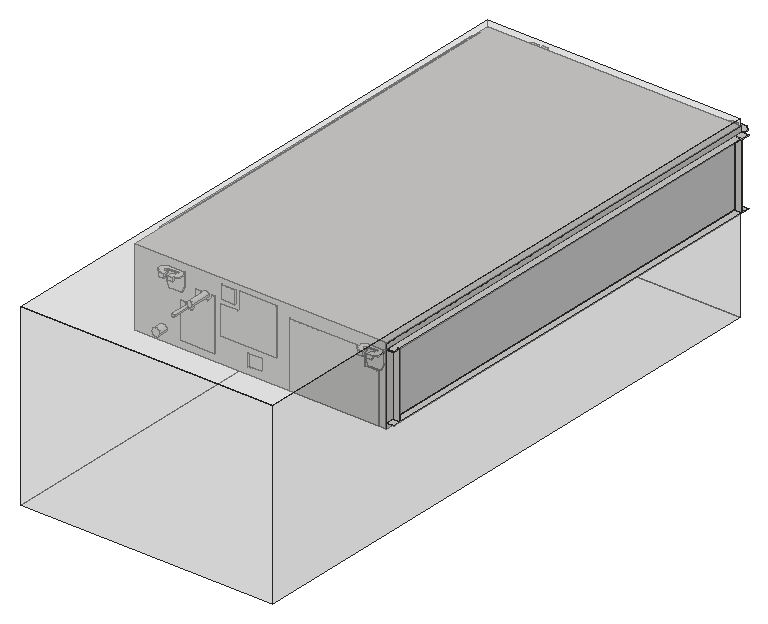
Revit family "outputfile", category 機械設備, Revit 2024
Family settings
  丸型コネクタ寸法 = 半径を使用
  パーツ タイプ = 標準
  OmniClass 番号 = 23.75.10.24.21.27.27
  OmniClass タイトル = Split System Air Conditioning Units
  作業面ベース = いいえ
  常に垂直 = はい
  ロード時にボイドで切り取り = いいえ
  注釈の向きを維持 = いいえ
  共有 = いいえ
  部屋計算ポイント = はい
Parameters (values of type "FBFC140DVM")
  Description = ""
  製造元 = "Daikin"
  書き出し IFC クラス(タイプ) = "IfcUnitaryEquipmentType"
  定義済み IFC タイプ(タイプ) = "AIRCONDITIONINGUNIT"
  Cost = 0
  モデル = "FBFC140DVM"
  Type Comments = ""
  Keynote = ""
  Type Image = (empty or 0)
  Assembly Code = ""
  switch_frequency = yes
  r_Liquid Pipe Size = Liquid Pipe Size / 2  # 4.75 mm
  r_Gas Pipe Size = Gas Pipe Size / 2  # 7.95 mm
  r_Drain Pipe Size = Drain Pipe Size / 2  # 12.5 mm
  lw_power = 770.0 mm  # constant formula
  lh_SA = 138.0 mm  # constant formula
  lw_SA = if(Depth = 550.0 mm, 225.0 mm, if(Depth = 700.0 mm, 300.0 mm, if(Depth = 1000.0 mm, 450.0 mm, if(Depth = 1400.0 mm, 650.0 mm, 725.0 mm))))  # 650.0 mm
  lw_RA = if(Depth = 550.0 mm, 275.0 mm, if(Depth = 700.0 mm, 349.0 mm, if(Depth = 1000.0 mm, 499.0 mm, if(Depth = 1400.0 mm, 699.0 mm, 775.0 mm))))  # 699.0 mm
  lh_power = 60.0 mm + [h***]  # 60.0 mm
  lh_mountinghole1 = lh_mountinghole + [h***]  # 222.0 mm
  lh_RA = 123.0 mm  # constant formula
  ld_power = Depth / 2  # 700.0 mm
  connector_voltage = Voltage_50Hz  # 230 V
  connector_powerinput = [Power Input (Cooling)]  # 0.000 kW
  connector_phase = Phase_50Hz  # 1
  Voltage_comment_50Hz = "220 - 240"
  Voltage_50Hz = 230 V
  URL = ""
  Supply Air Direction [instance] = yes
  Sound Power Level_H speed (dB) = 0
  Phase_50Hz = 1
  Minimum External Static Pressure = 50.00 Pa
  Minimum Circuit Amps_50Hz = 0.0 A
  Maximum Fuse Amps_50Hz = 0.0 A
  Maximum External Static Pressure = 150.00 Pa
  Material_Casing = DAIKIN_GalvanizedSteel_Casing_indoorunit
  lw_mountinghole = 630.0 mm  # constant formula
  lh_gaspipe = 183.0 mm + [h***]  # 183.0 mm
  lh_mountinghole = 222.0 mm  # constant formula
  lh_liquidpipe = 136.0 mm + [h***]  # 136.0 mm
  lh_drainpipe = 38.0 mm + [h***]  # 38.0 mm
  lh_antena = Height - lh_mountinghole + 1.0 mm  # 24.0 mm
  ld_drainpipe = Depth / 2 + 26.0 mm  # 726.0 mm
  ld_liquidpipe = Depth / 2 + 69.0 mm  # 769.0 mm
  ld_gaspipe = Depth / 2 + 65.0 mm  # 765.0 mm
  ld_mountinghole = Depth + 38.0 mm  # 1438.0 mm
  h*** = 0.0 mm  # constant formula
  lw_liquidpipe = 179.0 mm  # constant formula
  lw_gaspipe = 229.0 mm  # constant formula
  lw_drainpipe = 91.0 mm  # constant formula
  Width = 800.0 mm
  Version = "ver.1.0"
  Unit Type = "M.S.P. Duct"
  Unit Mass Weight = 46.00 kg
  Unit Designation [instance] = ""
  Uniclass2015Version = "Products v1.30"
  Uniclass2015Title = "Split coil room air conditioning units"
  Uniclass2015Code = "Pr_70_65_03_86"
  Total Cooling Capacity [instance] = 0.000 kW
  Sound Pressure Level_M speed (dBA) = 37.5
  Sound Pressure Level_L speed (dBA) = 35
  Sound Pressure Level_H speed (dBA) = 40
  Series = "SkyAir_Fan Coil Unit"
  Sensible Cooling Capacity [instance] = 0.000 kW
  SA Duct Size Width = 1192.0 mm
  SA Duct Size Height = 176.0 mm
  Refrigerant Type = "R32"
  RA Duct Size Width = 1352.0 mm
  RA Duct Size Height = 208.0 mm
  Power Input (Cooling) = 0.000 kW
  Option Accessory 3 [instance] = ""
  Option Accessory 2 [instance] = ""
  Option Accessory 1 [instance] = ""
  Nominal Cooling Capacity = 14.000 kW
  Minimum Airflow = 1500.00 m³/h
  Median Airflow = 1830.00 m³/h
  Maximum Airflow = 2160.00 m³/h
  Load Classification = HVAC
  Liquid Pipe Size = 9.5 mm
  Link_Nested Family [instance] = ""
  IfcVersion = ""
  IfcExportType = "AIRCONDITIONINGUNIT"
  IfcExportAs = "IfcUnitaryEquipmentType"
  Height = 245.0 mm
  Heat Exchanger Type = "Cross Fin Coil"
  Gas Pipe Size = 15.9 mm
  Frequency_50Hz = 50 Hz
  Fan Type = "Sirocco Fan"
  Fan Drive = "Direct Drive"
  FCU Tag No. [instance] = ""
  Drain Pipe Size = 25.0 mm
  Design Supply Airflow [instance] = 0.00 m³/h
  Design Return Airflow [instance] = 0.00 m³/h
  Design External Static Pressure [instance] = 0.00 Pa
  Depth = 1400.0 mm
  既定の高さ = 0.0 mm
  Cooling Entering Wet Bulb Temperature [instance] = 0.00 °C
  Cooling Entering Dry Bulb Temperature [instance] = 0.00 °C
  Cooling Ambient Wet Bulb Temperature [instance] = 0.00 °C
  Cooling Ambient Dry Bulb Temperature [instance] = 0.00 °C
  Clearance visibility [instance] = yes
  Clearance Top = 20.0 mm
  Clearance Right = 0.0 mm
  Clearance Rear = 0.0 mm
  Clearance Left = 0.0 mm
  Clearance Front = 450.0 mm
  Clearance Bottom = 300.0 mm
Reference planes
  plane 1 "Center (Front/Back)": y = 0
  plane 2 "h": z = 0
  plane 3 "Center (Left/Right)": x = 0
  plane 4 "Back": y = 700
  plane 5 "Front": y = -700
  plane 6 "Left": x = -400
  plane 7 "Right": x = 400
  plane 8 "Top": z = 0
  plane 9 "Bottom": z = -245
  plane 10: y = -215
  plane 11: y = 700
  plane 12: y = -1150
  plane 13: x = -400
  plane 14: x = 400
  plane 15: z = 20
  plane 16: z = -545
  plane 17: x = -400
  plane 18: x = -399
  plane 19: x = 399
  plane 20: y = 50
  plane 21: y = -1
  plane 22: z = -122
  plane 23: y = -701
  plane 24: z = -109
  plane 25: x = -221
  plane 26: y = -765
  plane 27: z = -62
  plane 28: x = -171
  plane 29: y = -726
  plane 30: z = -207
  plane 31: x = -309
  plane 32: x = -309
  plane 33: x = -221
  plane 34: x = -171
  plane 35: x = 370
  plane 36: x = -266
  plane 37: x = 364
  plane 38: y = -719
  plane 39: y = 719
  plane 40: z = -23
  plane 41: z = -107
  plane 42: y = -769
  plane 43: y = -726
  plane 44: x = -251
  plane 45: x = -203
  plane 46: x = -144
  plane 47: z = -59
  plane 48: z = -106
  plane 49: z = -221
  plane 50: z = -109
  plane 51: x = -221
  plane 52: z = -62
  plane 53: x = -171
  plane 54: z = -17
  plane 55: z = -59
  plane 56: x = -121
  plane 57: x = -79
  plane 58: x = -125
  plane 59: x = -64
  plane 60: x = 53
  plane 61: z = -164
  plane 62: z = -73
  plane 63: z = -16
  plane 64: x = 93.5
  plane 65: x = 374.5
  plane 66: x = 330
  plane 67: z = -88.5
  plane 68: z = -38
  plane 69: z = -242.5
  plane 70: x = -38.5
  plane 71: x = 6.5
  plane 72: z = -181
  plane 73: z = -221
  plane 74: y = -699
  plane 75: x = -424
  plane 76: x = 424
Forms (mm)
  Extrusion 1, solid, material "DAIKIN_GalvanizedSteel_Casing_indoorunit" <- "Material_Casing"
    sketch origin (0, 0, 0) x (1, 0, 0) y (0, 1, 0)
      loop
        line (-399, 700) -> (-399, -700) -> (399, -700) -> (399, 700) -> (-399, 700)
    from -245 to 0
  Extrusion 2, solid, material "DAIKIN_GalvanizedSteel_Casing_indoorunit" <- "Material_Casing"
    sketch origin (0, 0, 0) x (1, 0, 0) y (0, 0, 1)
      loop
        line (-251, -221) -> (-144, -221) -> (-144, -59) -> (-154.47, -59)
        arc (-154.47, -59) -> (-171, -78.8) -> (-187.53, -59) r 16.8
        line (-187.53, -59) -> (-203, -59) -> (-203, -106) -> (-206.916, -106)
        arc (-206.916, -106) -> (-221, -123.4) -> (-235.084, -106) r 14.4
        line (-235.084, -106) -> (-251, -106) -> (-251, -221)
    from 700 to 701
  Extrusion 3, solid, material "DAIKIN_GalvanizedSteel_Casing_indoorunit" <- "Material_Casing"
    sketch origin (0, 0, 0) x (1, 0, 0) y (0, 0, 1)
      loop
        line (-121, -17) -> (-121, -59) -> (-79, -59) -> (-79, -17) -> (-121, -17)
      loop
        line (-125, -73) -> (-125, -164) -> (53, -164) -> (53, -16) -> (-64, -16) -> (-64, -73) -> (-125, -73)
    from 700 to 701
  Extrusion 4, solid, material "DAIKIN_GalvanizedSteel_Casing_indoorunit" <- "Material_Casing"
    sketch origin (0, 0, 0) x (1, 0, 0) y (0, 0, 1)
      loop
        line (93.5, -38) -> (93.5, -242.5) -> (374.5, -242.5) -> (374.5, -88.5) -> (330, -88.5) -> (330, -38) -> (93.5, -38)
    from 700 to 701
  Extrusion 5, solid, material "DAIKIN_GalvanizedSteel_Casing_indoorunit" <- "Material_Casing"
    sketch origin (0, 0, 0) x (1, 0, 0) y (0, 0, 1)
      loop
        circle (-221, -109) r 4.75
    from 700 to 769
  Extrusion 6, solid, material "DAIKIN_GalvanizedSteel_Casing_indoorunit" <- "Material_Casing"
    sketch origin (0, 0, 0) x (1, 0, 0) y (0, 0, 1)
      loop
        circle (-171, -62) r 7.95
    from 700 to 765
  Extrusion 7, solid, material "DAIKIN_GalvanizedSteel_Casing_indoorunit" <- "Material_Casing"
    sketch origin (0, 0, 0) x (1, 0, 0) y (0, 0, 1)
      loop
        circle (-309, -207) r 12.5
    from 700 to 726
  Extrusion 8, void
    sketch origin (0, 0, 0) x (1, 0, 0) y (0, 0, 1)
      loop
        line (-38.5, -181) -> (-38.5, -221) -> (6.5, -221) -> (6.5, -181) -> (-38.5, -181)
    from 699 to 700
Cuts and joins
  Extrusion 8 cuts Extrusion 1
Dimensions and locks
  "Height": plane 8 "Top" to plane 9 "Bottom"
  equal spacing: plane 4 "Back", plane 1 "Center (Front/Back)", plane 5 "Front"
  "Depth": plane 4 "Back" to plane 5 "Front"
  equal spacing: plane 6 "Left", plane 3 "Center (Left/Right)", plane 7 "Right"
  "Width": plane 6 "Left" to plane 7 "Right"
  "Clearance Left": plane 13 to plane 6 "Left"
  "Clearance Right": plane 7 "Right" to plane 14
  "Clearance Rear": plane 11 to plane 4 "Back"
  "Clearance Front": plane 5 "Front" to plane 12
  "Clearance Top": plane 15 to plane 8 "Top"
  "Clearance Bottom": plane 9 "Bottom" to plane 16
  locked: plane 17 to plane 18 at 1
  locked: plane 19 to plane 14 at 1
  "lw_SA": plane 11 to plane 20
  "lw_RA": plane 21 to plane 5 "Front"
  "lh_RA": plane 22 to plane 9 "Bottom"
  locked: plane 5 "Front" to plane 23 at 1
  "lw_liquidpipe": plane 25 to plane 6 "Left"
  "lh_liquidpipe": plane 24 to plane 9 "Bottom"
  "lh_gaspipe": plane 27 to plane 9 "Bottom"
  "lw_gaspipe": plane 28 to plane 6 "Left"
  "ld_gaspipe": plane 26 to plane 1 "Center (Front/Back)"
  "ld_drainpipe": plane 29 to plane 1 "Center (Front/Back)"
  "lh_drainpipe": plane 30 to plane 9 "Bottom"
  "lw_drainpipe": plane 31 to plane 6 "Left"
  "lw_drainpipe": plane 6 "Left" to plane 32
  "lw_liquidpipe": plane 6 "Left" to plane 33
  "lw_gaspipe": plane 6 "Left" to plane 34
  "lw_power": plane 6 "Left" to plane 35
  locked: plane 17 to plane 36 at 134
  "lw_mountinghole": plane 36 to plane 37
  equal spacing: plane 38, plane 1 "Center (Front/Back)", plane 39
  "ld_mountinghole": plane 39 to plane 38
  "lh_mountinghole": plane 40 to plane 9 "Bottom"
  "lh_SA": plane 41 to plane 9 "Bottom"
  locked: plane 5 "Front" to plane 43 at 26
  plane 46 to plane 45 to plane 44 to plane 6 "Left" = 59.0 mm, 48.0 mm, 149.0 mm
  plane 8 "Top" to plane 47 to plane 48 to plane 49 = 59.0 mm locked, 47.0 mm locked, 115.0 mm locked
  plane 53 to plane 51 to plane 6 "Left" = 50.0 mm locked, 179.0 mm locked
  plane 52 to plane 50 to plane 9 "Bottom" = 47.0 mm locked, 136.0 mm locked
  plane 57 to plane 56 to plane 6 "Left" = 42.0 mm locked, 279.0 mm locked
  plane 8 "Top" to plane 54 to plane 55 = 17.0 mm locked, 42.0 mm locked
  plane 60 to plane 59 to plane 58 to plane 6 "Left" = 117.0 mm, 61.0 mm, 275.0 mm
  plane 8 "Top" to plane 63 to plane 62 = 16.0 mm locked, 57.0 mm locked
  locked: plane 63 to plane 61 at 148
  plane 8 "Top" to plane 68 to plane 67 to plane 69 = 38.0 mm locked, 50.5 mm locked, 154.0 mm locked
  plane 65 to plane 66 to plane 64 to plane 6 "Left" = 44.5 mm locked, 236.5 mm locked, 493.5 mm locked
  plane 8 "Top" to plane 72 to plane 73 = 181.0 mm locked, 40.0 mm locked
  plane 71 to plane 70 to plane 6 "Left" = 45.0 mm, 361.5 mm
  locked: plane 74 to plane 5 "Front" at 1
  locked: plane 75 to plane 17 at 24
  locked: plane 14 to plane 76 at 24
  "ld_liquidpipe": plane 42 to plane 1 "Center (Front/Back)"
  "r_Liquid Pipe Size": radius of Extrusion 5 sketch curve
  "r_Gas Pipe Size": radius of Extrusion 6 sketch curve
  "r_Drain Pipe Size": radius of Extrusion 7 sketch curve
  aligned and locked: level to plane 2 "h"
  aligned and locked: plane 8 "Top" to Extrusion 1
  aligned and locked: Extrusion 1 to plane 9 "Bottom"
  aligned and locked: nested 5 to plane 12
  aligned and locked: plane 13 to nested 5
  aligned and locked: plane 14 to nested 5
  aligned and locked: nested 5 to plane 13
  aligned and locked: plane 11 to nested 5
  aligned and locked: plane 15 to nested 5
  aligned and locked: plane 16 to nested 5
  aligned and locked: plane 5 "Front" to Extrusion 1 sketch curve
  aligned and locked: Extrusion 1 to plane 18
  aligned and locked: plane 19 to Extrusion 1
  aligned and locked: nested 7 to plane 18
  aligned and locked: nested 7 to plane 20
  aligned and locked: plane 19 to nested 8
  aligned and locked: plane 21 to nested 8
  aligned and locked: plane 22 to nested 8
  aligned and locked: Extrusion 2 to plane 23
  aligned and locked: plane 5 "Front" to Extrusion 2
  aligned and locked: Extrusion 3 to plane 23
  aligned and locked: plane 5 "Front" to Extrusion 3
  aligned and locked: plane 5 "Front" to Extrusion 4
  aligned and locked: Extrusion 5 sketch curve to plane 25
  aligned and locked: plane 24 to Extrusion 5 sketch curve
  aligned and locked: plane 5 "Front" to Extrusion 5
  aligned and locked: Extrusion 6 sketch curve to plane 28
  aligned and locked: plane 27 to Extrusion 6 sketch curve
  aligned and locked: plane 5 "Front" to Extrusion 6
  aligned and locked: Extrusion 7 sketch curve to plane 31
  aligned and locked: plane 30 to Extrusion 7 sketch curve
  aligned and locked: Extrusion 7 to plane 29
  aligned and locked: nested 3 to plane 29
  aligned and locked: nested 3 to plane 32
  aligned and locked: nested 2 to plane 33
  aligned and locked: nested 1 to plane 34
  aligned and locked: Extrusion 6 to plane 26
  aligned and locked: nested 1 to plane 26
  aligned and locked: nested 6 to plane 5 "Front"
  aligned and locked: nested 6 to plane 35
  aligned and locked: plane 36 to nested 10
  aligned and locked: nested 10 to plane 5 "Front"
  aligned and locked: plane 37 to nested 9
  aligned and locked: nested 9 to plane 5 "Front"
  aligned and locked: nested 11 to plane 36
  aligned and locked: plane 4 "Back" to nested 11
  aligned and locked: nested 12 to plane 37
  aligned and locked: plane 4 "Back" to nested 12
  aligned and locked: plane 40 to nested 10
  aligned and locked: plane 40 to nested 11
  aligned and locked: plane 40 to nested 9
  aligned and locked: plane 40 to nested 12
  aligned and locked: plane 36 to nested 14
  aligned and locked: nested 14 to plane 39
  aligned and locked: plane 37 to nested 13
  aligned and locked: nested 13 to plane 39
  aligned and locked: plane 37 to nested 16
  aligned and locked: plane 38 to nested 16
  aligned and locked: plane 38 to nested 15
  aligned and locked: plane 36 to nested 15
  aligned and locked: plane 17 to plane 6 "Left"
  aligned and locked: plane 41 to nested 7
  aligned and locked: Extrusion 5 to plane 42
  aligned and locked: nested 2 to plane 42
  aligned and locked: Extrusion 3 sketch curve to plane 54
  aligned and locked: Extrusion 3 sketch curve to plane 56
  aligned and locked: plane 55 to Extrusion 3 sketch curve
  aligned and locked: plane 57 to Extrusion 3 sketch curve
  aligned and locked: Extrusion 4 to plane 23
  aligned and locked: Extrusion 8 sketch curve to plane 72
  aligned and locked: plane 73 to Extrusion 8 sketch curve
  aligned and locked: plane 71 to Extrusion 8 sketch curve
  aligned and locked: plane 5 "Front" to Extrusion 8
  aligned and locked: plane 74 to Extrusion 8
  aligned and locked: nested 17 to plane 20
  aligned and locked: nested 17 to plane 75
  aligned and locked: plane 21 to nested 18
  aligned and locked: plane 76 to nested 18
  aligned and locked: plane 41 to nested 17
  aligned and locked: nested 18 to plane 22
  aligned and locked: nested 4 to plane 3 "Center (Left/Right)"
  aligned and locked: plane 1 "Center (Front/Back)" to nested 4
  aligned and locked: level to plane 8 "Top"
  aligned and locked: plane 5 "Front" to Extrusion 7
Automatic sketch dimensions
  plane 6 "Left" to Extrusion 1 sketch curve = 1.0 mm
  Extrusion 1 sketch curve to plane 7 "Right" = 1.0 mm
  Extrusion 1 sketch curve to plane 4 "Back" = 0.0 mm
  Extrusion 2 sketch curve to plane 44 = 0.0 mm
  Extrusion 2 sketch curve to plane 33 = 0.0 mm
  Extrusion 2 sketch curve to plane 45 = 0.0 mm
  Extrusion 2 sketch curve to plane 34 = 0.0 mm
  Extrusion 2 sketch curve to plane 46 = 0.0 mm
  Extrusion 2 sketch curve to plane 49 = 0.0 mm
  Extrusion 2 sketch curve to plane 50 = 0.0 mm
  Extrusion 2 sketch curve to plane 48 = 0.0 mm  (x3)
  Extrusion 2 sketch curve to plane 52 = 0.0 mm
  Extrusion 2 sketch curve to plane 47 = 0.0 mm  (x3)
  plane 33 to Extrusion 2 sketch curve = 14.084 mm
  plane 34 to Extrusion 2 sketch curve = 16.53 mm
  Extrusion 3 sketch curve to plane 58 = 0.0 mm
  Extrusion 3 sketch curve to plane 59 = 0.0 mm
  Extrusion 3 sketch curve to plane 60 = 0.0 mm
  Extrusion 3 sketch curve to plane 61 = 0.0 mm
  Extrusion 3 sketch curve to plane 62 = 0.0 mm
  Extrusion 3 sketch curve to plane 63 = 0.0 mm
  Extrusion 4 sketch curve to plane 64 = 0.0 mm
  Extrusion 4 sketch curve to plane 66 = 0.0 mm
  Extrusion 4 sketch curve to plane 65 = 0.0 mm
  Extrusion 4 sketch curve to plane 69 = 0.0 mm
  Extrusion 4 sketch curve to plane 67 = 0.0 mm
  Extrusion 4 sketch curve to plane 68 = 0.0 mm
  Extrusion 8 sketch curve to plane 70 = 0.0 mm
Nested families
  nested 1: "daikin_connector_rotate2" at (-171, 0, -62), length <- "ld_gaspipe", built-in parameter 1001364 <- "lh_gaspipe", radius <- "r_Gas Pipe Size", type "daikin_connector_rotate2"
    with radius 7.95 mm, length 765.0 mm, angle_vertical 90.00°
  nested 2: "daikin_connector_rotate2" at (-221, 0, -109), length <- "ld_liquidpipe", built-in parameter 1001364 <- "lh_liquidpipe", radius <- "r_Liquid Pipe Size", type "daikin_connector_rotate2"
    with radius 4.75 mm, length 769.0 mm, angle_vertical 90.00°
  nested 3: "daikin_connector_rotate2" at (-309, 0, -207), length <- "ld_drainpipe", built-in parameter 1001364 <- "lh_drainpipe", radius <- "r_Drain Pipe Size", type "daikin_connector_rotate2"
    with radius 12.5 mm, length 726.0 mm, angle_vertical 90.00°
  nested 4: "daikin_△_symbolicline" at (0, 0, 245) x (0, -1, 0) z (0, 0, 1), built-in parameter 1001364 <- "Height", visible <- "Supply Air Direction", type "daikin_△_symbolicline"
    with length 200.0 mm
  nested 5: "daikin_clearancespace" at (0, -225, -262.381), visible <- "Clearance visibility", show <- "Clearance visibility", Link_Nested Family <- "Link_Nested Family", type "daikin_clearancespace"
    with width 800.0 mm, show yes, height 565.0 mm, depth 1850.0 mm, Link_Nested Family ""
  nested 6: "daikin_connector_rotate2" at (370, 0, -185), built-in parameter 1001364 <- "lh_power", length <- "ld_power", type "daikin_connector_rotate2"
    with radius 10.0 mm, length 700.0 mm, angle_vertical 90.00°
  nested 7: "daikin_ductflange_FBFC-DVM2" at (-399, 50, -107) x (0, -1, 0) z (0, 0, 1), type "daikin_ductflange_FBFC-DVM2"
  nested 8: "daikin_ductflange_FBFC-DVM" at (399, -1, -122) x (0, 1, 0) z (0, 0, 1), type "daikin_ductflange_FBFC-DVM"
    with width 1352.0 mm, lw 25.0 mm, w 1400.0 mm
  nested 9: "daikin_hangerfixture_FBFC-DVM" at (364, -700, -23), type "daikin_hangerfixture_FBFC-DVM"
  nested 10: "daikin_hangerfixture_FBFC-DVM" at (-266, -700, -23), type "daikin_hangerfixture_FBFC-DVM"
  nested 11: "daikin_hangerfixture_FBFC-DVM" at (-266, 700, -23) x (-1, 0, 0) z (0, 0, 1), type "daikin_hangerfixture_FBFC-DVM"
  nested 12: "daikin_hangerfixture_FBFC-DVM" at (364, 700, -23) x (-1, 0, 0) z (0, 0, 1), type "daikin_hangerfixture_FBFC-DVM"
  nested 13: "daikin_mountinghole" at (364, 719, -245), h_mountinghole <- "lh_mountinghole1", l_antenna <- "lh_antena", Link_Nested Family <- "Link_Nested Family", type "daikin_mountinghole"
    with show yes, l_antenna 24.0 mm, h_mountinghole 222.0 mm, Link_Nested Family ""
  nested 14: "daikin_mountinghole" at (-266, 719, -245), h_mountinghole <- "lh_mountinghole1", l_antenna <- "lh_antena", Link_Nested Family <- "Link_Nested Family", type "daikin_mountinghole"
    with show yes, l_antenna 24.0 mm, h_mountinghole 222.0 mm, Link_Nested Family ""
  nested 15: "daikin_mountinghole" at (-266, -719, -245), h_mountinghole <- "lh_mountinghole1", l_antenna <- "lh_antena", Link_Nested Family <- "Link_Nested Family", type "daikin_mountinghole"
    with show yes, l_antenna 24.0 mm, h_mountinghole 222.0 mm, Link_Nested Family ""
  nested 16: "daikin_mountinghole" at (364, -719, -245), h_mountinghole <- "lh_mountinghole1", l_antenna <- "lh_antena", Link_Nested Family <- "Link_Nested Family", type "daikin_mountinghole"
    with show yes, l_antenna 24.0 mm, h_mountinghole 222.0 mm, Link_Nested Family ""
  nested 17: "daikin_connector_rotate2" at (-400, 50, -107) x (0, -1, 0) z (0, 0, 1), type "daikin_connector_rotate2"
    with radius 10.0 mm, length 24.0 mm, angle_vertical 90.00°
  nested 18: "daikin_connector_rotate2" at (400, -1, -122) x (0, 1, 0) z (0, 0, 1), type "daikin_connector_rotate2"
    with radius 10.0 mm, length 24.0 mm, angle_vertical 90.00°
Connectors
  piping at (-309, -726, -207), diameter 25, driven by "r_Drain Pipe Size"
    settings: on nested 3, index 3, connector inside diameter 609.6 mm, connector length 0.0 mm, flow factor 0, pipe flow 0.00 m³/h, pressure drop 0.0 Pa, fitting loss kfactor 0, connector angle 0.00°, fixture units 0, engagement length 0.0 mm, angle of deflection 0.00°, flow configuration 1, flow direction 2, fitting loss method 4, system type 16, joint type 0, gender type 0, connector reference index -1, connector utility 0, adjustable connector no, is connector primary yes, connector description "Condensate Drain Piping"
  piping at (-171, -765, -62), diameter 15.9, driven by "r_Gas Pipe Size"
    settings: on nested 1, index 4, connector inside diameter 609.6 mm, connector length 0.0 mm, flow factor 0, pipe flow 0.00 m³/h, pressure drop 0.0 Pa, fitting loss kfactor 0, connector angle 0.00°, fixture units 0, engagement length 0.0 mm, angle of deflection 0.00°, flow configuration 1, flow direction 2, fitting loss method 0, system type 29, joint type 0, gender type 0, connector reference index -1, connector utility 0, adjustable connector no, is connector primary no, connector description "Refrigerant Gas Piping"
  piping at (-221, -769, -109), diameter 9.5, driven by "r_Liquid Pipe Size"
    settings: on nested 2, index 5, connector inside diameter 609.6 mm, connector length 0.0 mm, flow factor 0, pipe flow 0.00 m³/h, pressure drop 0.0 Pa, fitting loss kfactor 0, connector angle 0.00°, fixture units 0, engagement length 0.0 mm, angle of deflection 0.00°, flow configuration 1, flow direction 1, fitting loss method 0, system type 29, joint type 0, gender type 0, connector reference index -1, connector utility 0, adjustable connector no, is connector primary no, connector description "Refrigerant Liquid Piping"
  electrical at (370, -700, -185), driven by "Load Classification", driven by "connector_powerinput", driven by "connector_voltage", driven by "connector_phase"
    settings: on nested 6, index 6, voltage 230 V, apparent load 0 VA, apparent load phase1 0 VA, apparent load phase2 0 VA, apparent load phase3 0 VA, power factor 1, load classification "HVAC", number of poles 1, system type 30, power factor state 1, is connector primary yes, connector utility no, sub classification motor no, connector description "Power Supply"
  hvac at (-424, 50, -107), driven by "SA Duct Size Height", driven by "SA Duct Size Width"
    settings: on nested 17, index 7, duct flow 0.00 m³/h, flow factor 0, pres drop 0.00 Pa, loss coef 0, conn angle 0.00°, conn width 1192.0 mm, conn height 176.0 mm, conn diameter 609.6 mm, duct sys type 1, conn prof type 1, flow config 0, flow direction 2, loss method 4, conn ref index -1, conn util no, is conn primary yes, conn desc "SA Duct"
  hvac at (424, -1, -122), driven by "RA Duct Size Height", driven by "RA Duct Size Width"
    settings: on nested 18, index 8, duct flow 0.00 m³/h, flow factor 0, pres drop 0.00 Pa, loss coef 0, conn angle 0.00°, conn width 1352.0 mm, conn height 208.0 mm, conn diameter 609.6 mm, duct sys type 2, conn prof type 1, flow config 0, flow direction 1, loss method 4, conn ref index -1, conn util no, is conn primary no, conn desc "RA Duct"
Definition of nested family "daikin_clearancespace"
  Parameters (values of type "daikin_clearancespace")
    Description = "daikin_clearancespace"
    width [instance] = 1823.963 mm
    show [instance] = yes
    material = none
    height [instance] = 1359.762 mm
    depth [instance] = 880.0 mm
    Default Elevation = 0.0 mm
    Link_Nested Family [instance] = ""
  Reference planes
    plane 1 "Center (Front/Back)": y = 0
    plane 2 "Center (Elevation)": z = -0.119
    plane 3 "Center (Left/Right)": x = 0
    plane 4: y = 440
    plane 5: y = -440
    plane 6 "Right": x = 911.982
    plane 7 "Left": x = -911.982
    plane 8 "Top": z = 679.762
    plane 9 "Bottom": z = -680
  Forms (mm)
    Extrusion 1, solid, material <- "material", visible <- "show"
      sketch origin (0, 0, 0) x (1, 0, 0) y (0, 1, 0)
        loop
          line (-911.982, 440) -> (-911.982, -440) -> (911.982, -440) -> (911.982, 440) -> (-911.982, 440)
      from -680 to 679.762
  Lines and regions (mm)
    symbolic lines, visible <- "show"
      curve 1: line (911.982, 440, 0) -> (-911.982, 440, 0)
      curve 2: line (-911.982, 440, 0) -> (-911.982, -440, 0)
      curve 3: line (-911.982, -440, 0) -> (911.982, -440, 0)
      curve 4: line (911.982, -440, 0) -> (911.982, 440, 0)
      curve 5: line (911.982, 0, 679.762) -> (-911.982, 0, 679.762)
      curve 6: line (911.982, 0, -680) -> (911.982, 0, 679.762)
      curve 7: line (-911.982, 0, -680) -> (911.982, 0, -680)
      curve 8: line (-911.982, 0, 679.762) -> (-911.982, 0, -680)
      curve 9: line (0, 440, 679.762) -> (0, -440, 679.762)
      curve 10: line (0, -440, 679.762) -> (0, -440, -680)
      curve 11: line (0, 440, -680) -> (0, 440, 679.762)
      curve 12: line (0, -440, -680) -> (0, 440, -680)
  Dimensions and locks
    "width": plane 7 "Left" to plane 6 "Right"
    "depth": plane 4 to plane 5
    "height": plane 8 "Top" to plane 9 "Bottom"
    equal spacing: plane 7 "Left", plane 3 "Center (Left/Right)", plane 6 "Right"
    equal spacing: plane 4, plane 1 "Center (Front/Back)", plane 5
    equal spacing: plane 8 "Top", plane 2 "Center (Elevation)", plane 9 "Bottom"
    aligned and locked: level to plane 2 "Center (Elevation)"
    aligned and locked: Extrusion 1 sketch curve to plane 4
    aligned and locked: plane 7 "Left" to Extrusion 1 sketch curve
    aligned and locked: Extrusion 1 sketch curve to plane 5
    aligned and locked: Extrusion 1 sketch curve to plane 6 "Right"
    aligned and locked: plane 8 "Top" to Extrusion 1
    aligned and locked: curve 1 to Extrusion 1
    aligned and locked: curve 2 to Extrusion 1
    aligned and locked: curve 3 to Extrusion 1
    aligned and locked: curve 4 to Extrusion 1
    aligned and locked: curve 5 to Extrusion 1
    aligned and locked: curve 6 to Extrusion 1
    aligned and locked: curve 7 to Extrusion 1
    aligned and locked: curve 8 to Extrusion 1
    aligned and locked: curve 9 to Extrusion 1
    aligned and locked: curve 10 to Extrusion 1
    aligned and locked: curve 11 to Extrusion 1
    aligned and locked: curve 12 to Extrusion 1
    aligned and locked: Extrusion 1 to plane 9 "Bottom"
Definition of nested family "daikin_ductflange_FBFC-DVM2"
  Parameters (values of type "daikin_ductflange_FBFC-DVMG2")
    width = if(w = 550.0 mm, 337.0 mm, if(w = 700.0 mm, 492.0 mm, if(w = 1000.0 mm, 792.0 mm, if(w = 1400.0 mm, 1192.0 mm, 1337.0 mm))))  # 1192.0 mm
    material = none
    height = 215.0 mm
    depth = 1.0 mm
    w = 1400.0 mm
    Default Elevation = 0.0 mm
  Reference planes
    plane 1 "Center (Front/Back)": y = 0
    plane 2: z = 0
    plane 3 "Center (Left/Right)": x = 0
    plane 4: z = 88
    plane 5: z = -88
    plane 6: y = -25
    plane 7: z = 106
    plane 8: z = 89
    plane 9: y = -1
    plane 10: x = -617.5
    plane 11: x = 617.5
    plane 12: z = -106
    plane 13: z = -89
    plane 14: y = -1
    plane 15: x = 596
    plane 16: x = -596
    plane 17: x = 597
    plane 18: z = 87
    plane 19: z = -87
    plane 20: x = -597
    plane 21: z = 87
    plane 22: z = -87
    plane 23: y = -1
  Forms (mm)
    Extrusion 1, solid, material <- "material"
      sketch origin (0, 0, 0) x (0, 1, 0) y (0, 0, 1)
        loop
          line (-25, 88) -> (0, 88) -> (0, 106) -> (-1, 106) -> (-1, 89) -> (-25, 89) -> (-25, 88)
      from -617.5 to 617.5
    Extrusion 2, solid, material <- "material"
      sketch origin (0, 0, 0) x (0, 1, 0) y (0, 0, 1)
        loop
          line (-25, -88) -> (-25, -89) -> (-1, -89) -> (-1, -106) -> (0, -106) -> (0, -88) -> (-25, -88)
      from -617.5 to 617.5
    Extrusion 3, solid, material <- "material"
      sketch origin (0, 0, 0) x (1, 0, 0) y (0, 0, 1)
        loop
          line (596, 88) -> (596, -88) -> (617.5, -88) -> (617.5, -87) -> (597, -87) -> (597, 87) -> (617.5, 87) -> (617.5, 88) -> (596, 88)
      from 0 to 25
    Extrusion 4, solid, material <- "material"
      sketch origin (0, 0, 0) x (1, 0, 0) y (0, 0, 1)
        loop
          line (-617.5, 88) -> (-617.5, 87) -> (-597, 87) -> (-597, -87) -> (-617.5, -87) -> (-617.5, -88) -> (-596, -88) -> (-596, 88) -> (-617.5, 88)
      from 0 to 25
    Extrusion 5, solid, material <- "material"
      sketch origin (0, 0, 0) x (1, 0, 0) y (0, 0, 1)
        loop
          line (-617.5, 88) -> (-617.5, -88) -> (-596, -88) -> (-596, 88) -> (-617.5, 88)
        loop
          line (617.5, 88) -> (596, 88) -> (596, -88) -> (617.5, -88) -> (617.5, 88)
      from 0 to 1
  Cuts and joins
    joined: Extrusion 1, Extrusion 2, Extrusion 3, Extrusion 4, Extrusion 5
  Dimensions and locks
    plane 4 to level to plane 5 = 88.0 mm, 88.0 mm
    locked: plane 6 to plane 1 "Center (Front/Back)" at 25
    locked: plane 9 to plane 1 "Center (Front/Back)" at 1
    locked: plane 8 to plane 4 at 1
    locked: plane 16 to plane 10 at 21.5
    locked: plane 17 to plane 15 at 1
    locked: plane 4 to plane 18 at 1
    locked: plane 19 to plane 5 at 1
    "width": plane 15 to plane 16
    plane 4 to plane 5 = 176.0 mm
    locked: plane 16 to plane 20 at 1
    locked: plane 4 to plane 21 at 1
    locked: plane 22 to plane 5 at 1
    locked: plane 23 to plane 1 "Center (Front/Back)" at 1
    plane 4 to level to plane 5 = 88.0 mm locked, 88.0 mm locked
    locked: plane 5 to plane 13 at 1
    locked: plane 5 to plane 12 at 18
    locked: plane 7 to plane 4 at 18
    equal spacing: plane 15, plane 3 "Center (Left/Right)", plane 16
    locked: plane 11 to plane 15 at 21.5
    plane 11 to plane 10 = 1235.0 mm
    aligned and locked: level to plane 2
    aligned and locked: Extrusion 1 to plane 10
    aligned and locked: plane 11 to Extrusion 1
    aligned and locked: plane 5 to Extrusion 2
    aligned and locked: Extrusion 2 to plane 1 "Center (Front/Back)"
    aligned and locked: plane 15 to Extrusion 3 sketch curve
    aligned and locked: Extrusion 3 sketch curve to Extrusion 2  (x2)
    aligned and locked: Extrusion 3 sketch curve to plane 11
    aligned and locked: plane 6 to Extrusion 3
    aligned and locked: Extrusion 2 to plane 10
    aligned and locked: plane 11 to Extrusion 2
    aligned and locked: Extrusion 4 sketch curve to Extrusion 1  (x2)
    aligned and locked: plane 5 to Extrusion 4 sketch curve
    aligned and locked: Extrusion 4 sketch curve to plane 16
    aligned and locked: Extrusion 4 sketch curve to plane 22
    aligned and locked: plane 20 to Extrusion 4 sketch curve
    aligned and locked: plane 21 to Extrusion 4 sketch curve
    aligned and locked: Extrusion 4 to plane 1 "Center (Front/Back)"
    aligned and locked: plane 6 to Extrusion 4
    aligned and locked: Extrusion 5 sketch curve to Extrusion 1  (x4)
    aligned and locked: Extrusion 5 sketch curve to Extrusion 4  (x2)
    aligned and locked: Extrusion 5 sketch curve to Extrusion 3  (x2)
    aligned and locked: Extrusion 5 to plane 1 "Center (Front/Back)"
    aligned and locked: plane 23 to Extrusion 5
  Automatic sketch dimensions
    Extrusion 1 sketch curve to plane 6 = 0.0 mm
    Extrusion 1 sketch curve to plane 7 = 0.0 mm
    Extrusion 1 sketch curve to plane 9 = 0.0 mm
    Extrusion 1 sketch curve to plane 1 "Center (Front/Back)" = 0.0 mm
    Extrusion 1 sketch curve to plane 4 = 0.0 mm
    Extrusion 1 sketch curve to plane 8 = 0.0 mm
    Extrusion 2 sketch curve to plane 6 = 0.0 mm
    plane 12 to Extrusion 2 sketch curve = 0.0 mm
    Extrusion 2 sketch curve to plane 14 = 0.0 mm
    Extrusion 2 sketch curve to plane 1 "Center (Front/Back)" = 0.0 mm
    plane 13 to Extrusion 2 sketch curve = 0.0 mm
    Extrusion 2 sketch curve to plane 5 = 0.0 mm
    Extrusion 3 sketch curve to plane 17 = 0.0 mm
    Extrusion 3 sketch curve to plane 19 = 0.0 mm
    Extrusion 3 sketch curve to plane 18 = 0.0 mm
    Extrusion 3 sketch curve to plane 4 = 0.0 mm
    Extrusion 4 sketch curve to plane 10 = 0.0 mm
Definition of nested family "daikin_ductflange_FBFC-DVM"
  Parameters (values of type "daikin_ductflange_FBFC-DVMG")
    width = if(w = 550.0 mm, 502.0 mm, if(w = 700.0 mm, 654.0 mm, if(w = 1000.0 mm, 952.0 mm, if(w = 1400.0 mm, 1352.0 mm, 1502.0 mm))))  # 654.0 mm
    material = none
    lw = if(width = 654.0 mm, 23.0 mm, 25.0 mm)  # 23.0 mm
    height = 208.0 mm
    depth = 1.0 mm
    w = 700.0 mm
    Default Elevation = 0.0 mm
  Reference planes
    plane 1 "Center (Front/Back)": y = 0
    plane 2: z = 0
    plane 3 "Center (Left/Right)": x = 0
    plane 4: z = 104
    plane 5: z = -104
    plane 6: y = -25
    plane 7: z = 121
    plane 8: z = 105
    plane 9: y = -1
    plane 10: x = -350
    plane 11: x = 350
    plane 12: z = -122
    plane 13: z = -105
    plane 14: y = -1
    plane 15: x = 327
    plane 16: x = -327
    plane 17: x = 328
    plane 18: z = 103
    plane 19: z = -103
    plane 20: x = -328
    plane 21: z = 103
    plane 22: z = -103
    plane 23: y = -1
  Forms (mm)
    Extrusion 1, solid, material <- "material"
      sketch origin (0, 0, 0) x (0, 1, 0) y (0, 0, 1)
        loop
          line (-25, 104) -> (0, 104) -> (0, 121) -> (-1, 121) -> (-1, 105) -> (-25, 105) -> (-25, 104)
      from -350 to 350
    Extrusion 2, solid, material <- "material"
      sketch origin (0, 0, 0) x (0, 1, 0) y (0, 0, 1)
        loop
          line (-25, -104) -> (-25, -105) -> (-1, -105) -> (-1, -122) -> (0, -122) -> (0, -104) -> (-25, -104)
      from -350 to 350
    Extrusion 3, solid, material <- "material"
      sketch origin (0, 0, 0) x (1, 0, 0) y (0, 0, 1)
        loop
          line (327, 104) -> (327, -104) -> (350, -104) -> (350, -103) -> (328, -103) -> (328, 103) -> (350, 103) -> (350, 104) -> (327, 104)
      from 0 to 25
    Extrusion 4, solid, material <- "material"
      sketch origin (0, 0, 0) x (1, 0, 0) y (0, 0, 1)
        loop
          line (-350, 104) -> (-350, 103) -> (-328, 103) -> (-328, -103) -> (-350, -103) -> (-350, -104) -> (-327, -104) -> (-327, 104) -> (-350, 104)
      from 0 to 25
    Extrusion 5, solid, material <- "material"
      sketch origin (0, 0, 0) x (1, 0, 0) y (0, 0, 1)
        loop
          line (-350, 104) -> (-350, -104) -> (-327, -104) -> (-327, 104) -> (-350, 104)
        loop
          line (350, 104) -> (327, 104) -> (327, -104) -> (350, -104) -> (350, 104)
      from 0 to 1
  Cuts and joins
    joined: Extrusion 1, Extrusion 2, Extrusion 3, Extrusion 4, Extrusion 5
  Dimensions and locks
    plane 4 to level to plane 5 = 104.0 mm, 104.0 mm
    locked: plane 6 to plane 1 "Center (Front/Back)" at 25
    locked: plane 9 to plane 1 "Center (Front/Back)" at 1
    locked: plane 8 to plane 4 at 1
    "lw": plane 11 to plane 15
    "lw": plane 16 to plane 10
    locked: plane 17 to plane 15 at 1
    locked: plane 4 to plane 18 at 1
    locked: plane 19 to plane 5 at 1
    "width": plane 15 to plane 16
    equal spacing: plane 15, plane 3 "Center (Left/Right)", plane 16
    locked: plane 16 to plane 20 at 1
    locked: plane 4 to plane 21 at 1
    locked: plane 22 to plane 5 at 1
    locked: plane 23 to plane 1 "Center (Front/Back)" at 1
    locked: plane 7 to plane 4 at 17
    locked: plane 1 "Center (Front/Back)" to plane 14 at 1
    locked: plane 5 to plane 13 at 1
    "height": plane 4 to plane 5
    plane 11 to plane 10 = 700.0 mm
    locked: plane 12 to plane 13 at 17
    equal spacing: plane 4, level, plane 5
    aligned and locked: level to plane 2
    aligned and locked: Extrusion 1 to plane 10
    aligned and locked: plane 11 to Extrusion 1
    aligned and locked: plane 5 to Extrusion 2
    aligned and locked: Extrusion 2 to plane 1 "Center (Front/Back)"
    aligned and locked: plane 15 to Extrusion 3 sketch curve
    aligned and locked: Extrusion 3 sketch curve to Extrusion 2  (x2)
    aligned and locked: Extrusion 3 sketch curve to plane 11
    aligned and locked: plane 6 to Extrusion 3
    aligned and locked: Extrusion 2 to plane 10
    aligned and locked: plane 11 to Extrusion 2
    aligned and locked: Extrusion 4 sketch curve to Extrusion 1  (x2)
    aligned and locked: plane 5 to Extrusion 4 sketch curve
    aligned and locked: Extrusion 4 sketch curve to plane 16
    aligned and locked: Extrusion 4 sketch curve to plane 22
    aligned and locked: plane 20 to Extrusion 4 sketch curve
    aligned and locked: plane 21 to Extrusion 4 sketch curve
    aligned and locked: Extrusion 4 to plane 1 "Center (Front/Back)"
    aligned and locked: plane 6 to Extrusion 4
    aligned and locked: Extrusion 5 sketch curve to Extrusion 1  (x4)
    aligned and locked: Extrusion 5 sketch curve to Extrusion 4  (x2)
    aligned and locked: Extrusion 5 sketch curve to Extrusion 3  (x2)
    aligned and locked: Extrusion 5 to plane 1 "Center (Front/Back)"
    aligned and locked: plane 23 to Extrusion 5
  Automatic sketch dimensions
    Extrusion 1 sketch curve to plane 6 = 0.0 mm
    Extrusion 1 sketch curve to plane 7 = 0.0 mm
    Extrusion 1 sketch curve to plane 9 = 0.0 mm
    Extrusion 1 sketch curve to plane 1 "Center (Front/Back)" = 0.0 mm
    Extrusion 1 sketch curve to plane 4 = 0.0 mm
    Extrusion 1 sketch curve to plane 8 = 0.0 mm
    Extrusion 2 sketch curve to plane 6 = 0.0 mm
    plane 12 to Extrusion 2 sketch curve = 0.0 mm
    Extrusion 2 sketch curve to plane 14 = 0.0 mm
    Extrusion 2 sketch curve to plane 1 "Center (Front/Back)" = 0.0 mm
    plane 13 to Extrusion 2 sketch curve = 0.0 mm
    Extrusion 2 sketch curve to plane 5 = 0.0 mm
    Extrusion 3 sketch curve to plane 17 = 0.0 mm
    Extrusion 3 sketch curve to plane 19 = 0.0 mm
    Extrusion 3 sketch curve to plane 18 = 0.0 mm
    Extrusion 3 sketch curve to plane 4 = 0.0 mm
    Extrusion 4 sketch curve to plane 10 = 0.0 mm
Definition of nested family "daikin_hangerfixture_FBFC-DVM"
  Parameters (values of type "daikin_hangerfixture_FXMQ-PAVE")
    width = 72.0 mm
    material = none
    height = 60.0 mm
    depth = 41.0 mm
    Default Elevation = 0.0 mm
  Reference planes
    plane 1 "Center (Front/Back)": y = 0
    plane 2: z = 0
    plane 3 "Center (Left/Right)": x = 0
    plane 4: y = 417.146
    plane 5: y = -41
    plane 6: x = -36
    plane 7: x = 36
    plane 8: z = -2.3
    plane 9: z = -60
    plane 10: y = -2.3
    plane 11: z = -12
    plane 12: y = -38.7
  Forms (mm)
    Extrusion 1, solid, material <- "material"
      sketch origin (0, 0, 0) x (1, 0, 0) y (0, 1, 0)
        loop
          line (-28, 0) -> (-28, -5)
          arc (-28, -5) -> (-29.127, -8.162) -> (-32, -9.899) r 5
          arc (-32, -9.899) -> (-34.873, -11.636) -> (-36, -14.798) r 5
          line (-36, -14.798) -> (-36, -27.178)
          arc (-36, -27.178) -> (-35.429, -29.499) -> (-33.846, -31.289) r 5
          line (-33.846, -31.289) -> (-23, -38.798) -> (-23, -41.098) -> (-6.5, -41.098) -> (-6.5, -28.498)
          arc (-6.5, -28.498) -> (-7.379, -26.377) -> (-9.5, -25.498) r 3
          line (-9.5, -25.498) -> (-13.5, -25.498)
          arc (-13.5, -25.498) -> (-20, -18.998) -> (-13.5, -12.498) r 6.5
          line (-13.5, -12.498) -> (13.5, -12.498)
          arc (13.5, -12.498) -> (20, -18.998) -> (13.5, -25.498) r 6.5
          line (13.5, -25.498) -> (9.5, -25.498)
          arc (9.5, -25.498) -> (7.379, -26.377) -> (6.5, -28.498) r 3
          line (6.5, -28.498) -> (6.5, -41.098) -> (23, -41.098) -> (23, -38.798) -> (33.846, -31.289)
          arc (33.846, -31.289) -> (35.429, -29.499) -> (36, -27.178) r 5
          line (36, -27.178) -> (36, -14.596)
          arc (36, -14.596) -> (34.873, -11.434) -> (32, -9.697) r 5
          arc (32, -9.697) -> (29.127, -7.96) -> (28, -4.798) r 5
          line (28, -4.798) -> (28, 0) -> (-28, 0)
      from 0 to -2.3
    Extrusion 2, solid, material <- "material"
      sketch origin (0, 0, 0) x (1, 0, 0) y (0, 0, 1)
        loop
          line (28, -39.037) -> (28, 0) -> (-28, 0) -> (-28, -39.037)
          arc (-28, -39.037) -> (-27.91, -39.983) -> (-27.642, -40.894) r 5
          line (-27.642, -40.894) -> (-21.257, -56.857)
          arc (-21.257, -56.857) -> (-19.418, -59.14) -> (-16.615, -60) r 5
          line (-16.615, -60) -> (16.615, -60)
          arc (16.615, -60) -> (19.418, -59.14) -> (21.257, -56.857) r 5
          line (21.257, -56.857) -> (27.642, -40.894)
          arc (27.642, -40.894) -> (27.91, -39.983) -> (28, -39.037) r 5
      from 0 to 2.3
    Extrusion 3, solid, material <- "material"
      sketch origin (0, 0, 0) x (1, 0, 0) y (0, 0, 1)
        loop
          line (-23, 0) -> (-23, -9)
          arc (-23, -9) -> (-22.121, -11.121) -> (-20, -12) r 3
          line (-20, -12) -> (-9.5, -12)
          arc (-9.5, -12) -> (-7.379, -11.121) -> (-6.5, -9) r 3
          line (-6.5, -9) -> (-6.5, 0) -> (-23, 0)
        loop
          line (23, 0) -> (6.5, 0) -> (6.5, -9)
          arc (6.5, -9) -> (7.379, -11.121) -> (9.5, -12) r 3
          line (9.5, -12) -> (20, -12)
          arc (20, -12) -> (22.121, -11.121) -> (23, -9) r 3
          line (23, -9) -> (23, 0)
      from 38.8 to 41.098
  Cuts and joins
    joined: Extrusion 1, Extrusion 2, Extrusion 3
  Dimensions and locks
    plane 2 to plane 8 = 2.3 mm
    "height": plane 2 to plane 9
    locked: plane 10 to plane 1 "Center (Front/Back)" at 2.3
    locked: plane 2 to plane 11 at 12
    locked: plane 12 to plane 5 at 2.3
    aligned and locked: level to plane 2
    aligned and locked: Extrusion 1 to plane 8
    aligned and locked: plane 2 to Extrusion 1
    aligned and locked: plane 2 to Extrusion 2 sketch curve
    aligned and locked: Extrusion 2 to plane 10
    aligned and locked: Extrusion 2 to plane 1 "Center (Front/Back)"
    aligned and locked: Extrusion 3 sketch curve to cut or joined group of Extrusion 1, Extrusion 2, Extrusion 3  (x3)
    aligned and locked: cut or joined group of Extrusion 1, Extrusion 2, Extrusion 3 to Extrusion 3
  Automatic sketch dimensions
    Extrusion 2 sketch curve to plane 7 = 8.0 mm
    Extrusion 2 sketch curve to plane 8 = 36.737 mm
    plane 6 to Extrusion 2 sketch curve = 19.385 mm
    Extrusion 1 sketch curve to plane 6 = 0.0 mm
    plane 1 "Center (Front/Back)" to Extrusion 1 sketch curve = 0.0 mm
    Extrusion 1 sketch curve to plane 7 = 0.0 mm
    plane 6 to Extrusion 1 sketch curve = 2.154 mm
    plane 6 to Extrusion 1 sketch curve = 3.0 mm
    Extrusion 1 sketch curve to Extrusion 1 sketch curve = 5.0 mm  (x3)
    Extrusion 1 sketch curve to plane 12 = 0.098 mm  (x2)
    Extrusion 1 sketch curve to Extrusion 1 sketch curve = 4.0 mm  (x2)
    Extrusion 1 sketch curve to plane 5 = 0.098 mm  (x2)
    Extrusion 1 sketch curve to plane 3 "Center (Left/Right)" = 6.5 mm
    plane 3 "Center (Left/Right)" to Extrusion 1 sketch curve = 6.5 mm
    Extrusion 1 sketch curve to Extrusion 1 sketch curve = 3.0 mm
    Extrusion 1 sketch curve to plane 7 = 8.0 mm
    Extrusion 1 sketch curve to plane 7 = 5.0 mm
    Extrusion 1 sketch curve to plane 7 = 3.0 mm
    Extrusion 1 sketch curve to plane 7 = 2.154 mm
    plane 12 to Extrusion 1 sketch curve = 7.411 mm  (x2)
    plane 12 to Extrusion 1 sketch curve = 10.202 mm  (x2)
    Extrusion 1 sketch curve to Extrusion 1 sketch curve = 6.5 mm  (x2)
    Extrusion 1 sketch curve to Extrusion 1 sketch curve = 12.38 mm
    Extrusion 1 sketch curve to plane 10 = 12.296 mm
    Extrusion 1 sketch curve to plane 10 = 2.7 mm
    Extrusion 1 sketch curve to plane 10 = 2.498 mm
    plane 6 to Extrusion 1 sketch curve = 4.0 mm
    Extrusion 1 sketch curve to Extrusion 1 sketch curve = 0.0 mm  (x2)
    Extrusion 1 sketch curve to plane 7 = 4.0 mm
    Extrusion 1 sketch curve to Extrusion 1 sketch curve = 4.111 mm
    Extrusion 3 sketch curve to level = 0.0 mm  (x2)
    Extrusion 3 sketch curve to plane 11 = 0.0 mm  (x2)
    plane 11 to Extrusion 3 sketch curve = 3.0 mm  (x2)
    plane 3 "Center (Left/Right)" to Extrusion 3 sketch curve = 6.5 mm
    Extrusion 3 sketch curve to Extrusion 3 sketch curve = 3.0 mm  (x2)
    Extrusion 2 sketch curve to plane 9 = 0.0 mm
    Extrusion 2 sketch curve to Extrusion 2 sketch curve = 11.385 mm
    plane 6 to Extrusion 2 sketch curve = 8.0 mm
    plane 9 to Extrusion 2 sketch curve = 20.963 mm
    Extrusion 2 sketch curve to Extrusion 2 sketch curve = 5.0 mm  (x2)
    plane 9 to Extrusion 2 sketch curve = 3.143 mm  (x3)
    Extrusion 2 sketch curve to Extrusion 2 sketch curve = 4.642 mm  (x2)
    Extrusion 2 sketch curve to Extrusion 2 sketch curve = 0.0 mm  (x2)
    Extrusion 2 sketch curve to Extrusion 2 sketch curve = 0.358 mm
    Extrusion 2 sketch curve to Extrusion 2 sketch curve = 1.857 mm  (x2)
Definition of nested family "daikin_connector_rotate2"
  Parameters (values of type "daikin_connector_rotate2")
    Default Elevation = 1219.2 mm
    show_face = no
    radius [instance] = 10.0 mm
    length [instance] = 600.0 mm
    d_surface = 10.0 mm
    angle_vertical [instance] = 90.00°
  Reference planes
    plane 1 "Center (Front/Back)": y = 0
    plane 2: z = 0
    plane 3 "Center (Left/Right)": x = 0
  Forms (mm)
    Extrusion 1, solid, visible <- "show_face"
      sketch origin (0, -600, 0) x (1, 0, 0) y (0, 0, 1)
        loop
          circle (0, 0) r 10
      from 0 to -10
  Lines and regions (mm)
    reference lines
      curve 1: line (0, 0, 0) -> (0, -600, 0)
    symbolic lines
      curve 2: circle (0, 0, 0) r 5 normal (0, 0, 1)
    model lines, visible <- "show_face"
      curve 3: line (0, 0, 0) -> (0, -600, 0)
  Dimensions and locks
    "length": curve 1 to curve 1
    "length": curve 3 to curve 3
    "d_surface": Extrusion 1 to Extrusion 1
    "radius": radius of Extrusion 1 sketch curve
    "angle_vertical": angle curve 1 to plane 1 "Center (Front/Back)"
    "angle_vertical": angle curve 3 to plane 1 "Center (Front/Back)"
    aligned and locked: level to plane 2
    aligned and locked: plane 1 "Center (Front/Back)" to curve 1
    aligned and locked: plane 2 to curve 1
    aligned and locked: plane 1 "Center (Front/Back)" to curve 2
    aligned and locked: plane 3 "Center (Left/Right)" to curve 2
    aligned and locked: plane 1 "Center (Front/Back)" to curve 3
    aligned and locked: plane 2 to curve 3
    aligned and locked: Extrusion 1 to Extrusion 1
  Automatic sketch dimensions
    Extrusion 1 sketch curve to level = 0.0 mm
    Extrusion 1 sketch curve to plane 3 "Center (Left/Right)" = 0.0 mm
    radius of curve 2 = 5.0 mm
Definition of nested family "daikin_△_symbolicline"
  Parameters (values of type "daikin_△_symbolicline")
    length [instance] = 200.0 mm
    Default Elevation = 0.0 mm
  Reference planes
    plane 1 "Center (Front/Back)": y = 0
    plane 2: z = 0
    plane 3 "Center (Left/Right)": x = 0
  Lines and regions (mm)
    symbolic lines
      curve 1: line (0, -173.205, 0) -> (100, 0, 0)
      curve 2: line (100, 0, 0) -> (-100, 0, 0)
      curve 3: line (-100, 0, 0) -> (0, -173.205, 0)
  Dimensions and locks
    equal spacing: curve 3, plane 3 "Center (Left/Right)", curve 2
    "length": curve 3 to curve 2
    "length": curve 3 to curve 3
    "length": curve 1 to curve 1
    aligned and locked: level to plane 2
    aligned and locked: curve 2 to plane 1 "Center (Front/Back)"
    aligned and locked: plane 3 "Center (Left/Right)" to curve 3
Definition of nested family "daikin_mountinghole"
  Parameters (values of type "daikin_mountinghole")
    Default Elevation = 1219.2 mm
    Type Comments = "mountinghole"
    show [instance] = yes
    material = none
    l_centerline = 100.0 mm
    l_antenna [instance] = 100.0 mm
    h_mountinghole [instance] = 0.0 mm
    d_circle = 30.0 mm
    Link_Nested Family [instance] = ""
  Reference planes
    plane 1 "Center (Front/Back)": y = 0
    plane 2: z = 0
    plane 3 "Center (Left/Right)": x = 0
    plane 4: y = 50
    plane 5: x = -50
    plane 6: x = 50
    plane 7: y = -50
    plane 8 "h_mountinghole": z = 0
    plane 9: z = 100
  Lines and regions (mm)
    model lines, detail levels fine
      curve 1: circle (0, 0, 0) r 15 normal (0, 0, 1)
      curve 2: line (-50, 0, 0) -> (50, 0, 0)
      curve 3: line (0, 50, 0) -> (0, -50, 0)
    symbolic lines, detail levels fine
      curve 4: circle (0, 0, 0) r 15 normal (0, 0, 1)
      curve 5: line (-50, 0, 0) -> (50, 0, 0)
      curve 6: line (0, 50, 0) -> (0, -50, 0)
    model lines
      curve 7: line (0, 0, 100) -> (0, 0, 0)
  Dimensions and locks
    equal spacing: plane 4, plane 1 "Center (Front/Back)", plane 7
    "l_centerline": plane 4 to plane 7
    equal spacing: plane 5, plane 3 "Center (Left/Right)", plane 6
    "l_centerline": plane 5 to plane 6
    "l_antenna": plane 9 to plane 8 "h_mountinghole"
    "h_mountinghole": plane 8 "h_mountinghole" to plane 2
    "d_circle": diameter of curve 1
    "d_circle": diameter of curve 4
    aligned and locked: level to plane 2
    aligned and locked: plane 1 "Center (Front/Back)" to curve 1
    aligned and locked: plane 3 "Center (Left/Right)" to curve 1
    aligned and locked: plane 1 "Center (Front/Back)" to curve 2
    aligned and locked: curve 3 to plane 3 "Center (Left/Right)"
    aligned and locked: plane 6 to curve 2
    aligned and locked: plane 5 to curve 2
    aligned and locked: plane 4 to curve 3
    aligned and locked: plane 7 to curve 3
    aligned and locked: plane 1 "Center (Front/Back)" to curve 4
    aligned and locked: plane 3 "Center (Left/Right)" to curve 4
    aligned and locked: plane 6 to curve 5
    aligned and locked: plane 5 to curve 5
    aligned and locked: plane 1 "Center (Front/Back)" to curve 5
    aligned and locked: plane 4 to curve 6
    aligned and locked: plane 7 to curve 6
    aligned and locked: curve 6 to plane 3 "Center (Left/Right)"
    aligned and locked: curve 7 to plane 3 "Center (Left/Right)"
    aligned and locked: plane 9 to curve 7
    aligned and locked: plane 8 "h_mountinghole" to curve 7
